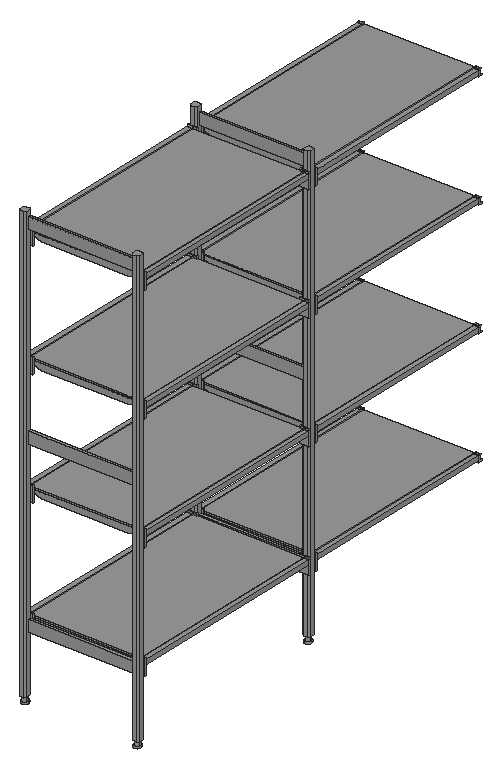
Revit family "QF_ELECTROLUXPROFESSIONAL_137080_CLS1664", category Attrezzature speciali, Revit 2020
Family settings
  Quota connettore circolare = Usa diametro
  Tipo di parte = Normale
  Basato su piano di lavoro = No
  Sempre verticale = Sì
  Taglio con vuoti quando caricato = No
  Condiviso = No
  Punto di calcolo locali = No
Parameters (values of type "Standard")
  Weight = 31.00 kg
  Watts = 0 W
  Volts = 0 V
  URL Manufacturer = "https://www.electroluxprofessional.com/"
  URL = "https://www.electroluxprofessional.com/"
  Steam Supply Size = 0 mm
  Steam Supply Minimum Pressure = 0.0 Pa
  Steam Supply Maximum Pressure = 0.0 Pa
  Steam Consumption per Hour = 0
  Refrigeration Suction Line Size = 0.0 mm
  Refrigeration Liquid Line Size = 0.0 mm
  Refrigerant Compressor Remote = yes
  Prospetto di default = 0.0 mm
  Phase = 0
  Modello = "CLS1664"
  Produttore = "Electrolux Professional"
  Length Actual = 1668.0 mm  # constant formula
  Item Number = "137080"
  Hot Water Size = 0 mm
  Height Actual = 1700.0 mm  # constant formula
  HP = "0 HP"
  Gas Size = 0 mm
  Gas KW = 0
  Gas Input Pressure = 0 W
  Direct Waste Size = 0 mm
  Descrizione = "ALUM.CORNER SHELV.-POLY.TIERS-475X1668MM"
  Depth Actual = 475.0 mm  # constant formula
  Cycle = 0 Hz
  Condensate Return Size = 0 mm
  Compressed Air Volume = 0.0 L/s
  Compressed Air Size = 0 mm
  Compressed Air Pressure = 0.0 Pa
  Cold Water Size = 0 mm
  Accessory = yes
Reference planes
  plane 1: z = 0
  plane 2 "CenterLeft": y = -535.5
  plane 3 "FRONT": y = -921.5
  plane 4 "LEFT": x = 192.5
  plane 5 "RIGHT": x = 667.5
  plane 6 "TOP": z = 1700
  plane 7: y = -889.5
  plane 8: y = -91.5
  plane 9 "Center (Left/Back)": x = 430
  plane 10: x = 256
  plane 11: x = 668
  plane 12 "FEET": z = 25
  plane 13: z = 275
  plane 14: z = 725
  plane 15: z = 1175
  plane 16: z = 1625
  plane 17 "CXLeft": y = -907.5
  plane 18 "Center (Front/Back)": y = -73.5
  plane 19 "CYFront": x = 510
  plane 20: y = 742.5
  plane 21: y = -55.5
  plane 22 "BACK": y = 746.5
  plane 23 "LEFT_ORIGIN": x = 158.5
  plane 24 "BACK_ORIGIN": y = 1221.5
Forms (mm)
  Extrusion 1, solid, material "QF_Aluminum"
    sketch origin (38.022, -921.5, -4.006) x (-1, 0, 0) y (0, 0, 1)
      loop
        line (-189.5, 1637.003) -> (-173.5, 1637.003) -> (-173.5, 1655) -> (-175.493, 1655) -> (-175.493, 1648.501) -> (-608.5, 1648.501) -> (-608.5, 1655) -> (-610.5, 1655) -> (-610.5, 1637.003) -> (-594.5, 1637.003) -> (-560.5, 1625) -> (-223.5, 1625) -> (-189.5, 1637.003)
      loop
        line (-189.5, 1187.003) -> (-173.5, 1187.003) -> (-173.5, 1205) -> (-175.493, 1205) -> (-175.493, 1198.501) -> (-608.5, 1198.501) -> (-608.5, 1205) -> (-610.5, 1205) -> (-610.5, 1187.003) -> (-594.5, 1187.003) -> (-560.5, 1175) -> (-223.5, 1175) -> (-189.5, 1187.003)
      loop
        line (-189.5, 737.003) -> (-173.5, 737.003) -> (-173.5, 755) -> (-175.493, 755) -> (-175.493, 748.501) -> (-608.5, 748.501) -> (-608.5, 755) -> (-610.5, 755) -> (-610.5, 737.003) -> (-594.5, 737.003) -> (-560.5, 725) -> (-223.5, 725) -> (-189.5, 737.003)
      loop
        line (-189.5, 287.003) -> (-173.5, 287.003) -> (-173.5, 305) -> (-175.493, 305) -> (-175.493, 298.501) -> (-608.5, 298.501) -> (-608.5, 305) -> (-610.5, 305) -> (-610.5, 287.003) -> (-594.5, 287.003) -> (-560.5, 275) -> (-223.5, 275) -> (-189.5, 287.003)
    from 37 to 32
  Extrusion 2, solid, material "QF_Aluminum"
    sketch origin (38.022, -921.5, 0) x (-1, 0, 0) y (0, 0, 1)
      loop
        line (-154.478, 246.005) -> (-154.478, 307.993) -> (-190.471, 307.993) -> (-190.471, 246.005) -> (-154.478, 246.005)
      loop
        line (-593.484, 246.005) -> (-593.484, 307.993) -> (-629.478, 307.993) -> (-629.478, 246.005) -> (-593.484, 246.005)
      loop
        line (-154.478, 696.005) -> (-154.478, 757.993) -> (-190.471, 757.993) -> (-190.471, 696.005) -> (-154.478, 696.005)
      loop
        line (-593.484, 696.005) -> (-593.484, 757.993) -> (-629.478, 757.993) -> (-629.478, 696.005) -> (-593.484, 696.005)
      loop
        line (-154.478, 1146.005) -> (-154.478, 1207.993) -> (-190.471, 1207.993) -> (-190.471, 1146.005) -> (-154.478, 1146.005)
      loop
        line (-593.484, 1146.005) -> (-593.484, 1207.993) -> (-629.478, 1207.993) -> (-629.478, 1146.005) -> (-593.484, 1146.005)
      loop
        line (-154.478, 1596.005) -> (-154.478, 1657.993) -> (-190.471, 1657.993) -> (-190.471, 1596.005) -> (-154.478, 1596.005)
      loop
        line (-593.484, 1596.005) -> (-593.484, 1657.993) -> (-629.478, 1657.993) -> (-629.478, 1596.005) -> (-593.484, 1596.005)
    from 28 to 32
  Extrusion 3, solid, material "QF_Aluminum"
    sketch origin (38.022, -921.5, 0) x (-1, 0, 0) y (0, 0, 1)
      loop
        line (-154.5, 1650.994) -> (-173.5, 1650.994) -> (-173.5, 1632.998) -> (-154.5, 1632.998) -> (-154.5, 1650.994)
      loop
        line (-154.5, 1200.994) -> (-173.5, 1200.994) -> (-173.5, 1182.998) -> (-154.5, 1182.998) -> (-154.5, 1200.994)
      loop
        line (-154.5, 750.994) -> (-173.5, 750.994) -> (-173.5, 732.998) -> (-154.5, 732.998) -> (-154.5, 750.994)
      loop
        line (-154.5, 300.994) -> (-173.5, 300.994) -> (-173.5, 282.998) -> (-154.5, 282.998) -> (-154.5, 300.994)
      loop
        line (-629.455, 1650.994) -> (-629.455, 1632.998) -> (-610.455, 1632.998) -> (-610.455, 1650.994) -> (-629.455, 1650.994)
      loop
        line (-629.455, 1200.994) -> (-629.455, 1182.998) -> (-610.455, 1182.998) -> (-610.455, 1200.994) -> (-629.455, 1200.994)
      loop
        line (-629.455, 750.994) -> (-629.455, 732.998) -> (-610.455, 732.998) -> (-610.455, 750.994) -> (-629.455, 750.994)
      loop
        line (-629.455, 300.994) -> (-629.455, 282.998) -> (-610.455, 282.998) -> (-610.455, 300.994) -> (-629.455, 300.994)
    from 32 to 830
  Extrusion 4, solid, material "QF_Polyethylene"
    sketch origin (38.022, -921.5, 0) x (-1, 0, 0) y (0, 0, 1)
      loop
        line (-175.493, 1650.994) -> (-608.5, 1650.994) -> (-608.5, 1644.496) -> (-175.493, 1644.496) -> (-175.493, 1650.994)
      loop
        line (-175.493, 1200.994) -> (-608.5, 1200.994) -> (-608.5, 1194.496) -> (-175.493, 1194.496) -> (-175.493, 1200.994)
      loop
        line (-175.493, 750.994) -> (-608.5, 750.994) -> (-608.5, 744.496) -> (-175.493, 744.496) -> (-175.493, 750.994)
      loop
        line (-175.493, 300.994) -> (-608.5, 300.994) -> (-608.5, 294.496) -> (-175.493, 294.496) -> (-175.493, 300.994)
    from 32 to 830
  Extrusion 5, solid, material "QF_Aluminum"
    sketch origin (38.022, 684.5, 0) x (-1, 0, 0) y (0, 0, 1)
      loop
        line (-154.5, 1650.994) -> (-173.5, 1650.994) -> (-173.5, 1632.998) -> (-154.5, 1632.998) -> (-154.5, 1650.994)
      loop
        line (-610.455, 1650.994) -> (-629.455, 1650.994) -> (-629.455, 1632.998) -> (-610.455, 1632.998) -> (-610.455, 1650.994)
      loop
        line (-154.5, 1200.994) -> (-173.5, 1200.994) -> (-173.5, 1182.998) -> (-154.5, 1182.998) -> (-154.5, 1200.994)
      loop
        line (-610.455, 1200.994) -> (-629.455, 1200.994) -> (-629.455, 1182.998) -> (-610.455, 1182.998) -> (-610.455, 1200.994)
      loop
        line (-154.5, 750.994) -> (-173.5, 750.994) -> (-173.5, 732.998) -> (-154.5, 732.998) -> (-154.5, 750.994)
      loop
        line (-610.455, 750.994) -> (-629.455, 750.994) -> (-629.455, 732.998) -> (-610.455, 732.998) -> (-610.455, 750.994)
      loop
        line (-154.5, 300.994) -> (-173.5, 300.994) -> (-173.5, 282.998) -> (-154.5, 282.998) -> (-154.5, 300.994)
      loop
        line (-610.455, 300.994) -> (-629.455, 300.994) -> (-629.455, 282.998) -> (-610.455, 282.998) -> (-610.455, 300.994)
    from 58 to -740
  Extrusion 6, solid, material "QF_Polyethylene"
    sketch origin (38.022, 684.5, 0) x (-1, 0, 0) y (0, 0, 1)
      loop
        line (-175.493, 1650.994) -> (-608.5, 1650.994) -> (-608.5, 1644.496) -> (-175.493, 1644.496) -> (-175.493, 1650.994)
      loop
        line (-175.493, 1200.994) -> (-608.5, 1200.994) -> (-608.5, 1194.496) -> (-175.493, 1194.496) -> (-175.493, 1200.994)
      loop
        line (-175.493, 750.994) -> (-608.5, 750.994) -> (-608.5, 744.496) -> (-175.493, 744.496) -> (-175.493, 750.994)
      loop
        line (-175.493, 300.994) -> (-608.5, 300.994) -> (-608.5, 294.496) -> (-175.493, 294.496) -> (-175.493, 300.994)
    from 58 to -740
Lines and regions (mm)
  symbolic lines
    curve 1: line (256, -912.5, 1700) -> (668, -912.5, 1700)
    curve 2: line (668, -902.5, 1700) -> (256, -902.5, 1700)
    curve 3: line (192.5, -893.5, 1700) -> (192.5, -87.5, 1700)
    curve 4: line (667.5, -889.5, 1700) -> (667.5, -91.5, 1700)
    curve 5: line (192.5, -59.5, 1700) -> (192.5, 746.5, 1700)
    curve 6: line (667.5, -59.5, 1700) -> (667.5, 746.5, 1700)
    curve 7: line (648.478, -91.5, 1700) -> (648.478, -889.5, 1700)
    curve 8: line (211.522, -889.5, 1700) -> (211.522, -91.5, 1700)
    curve 9: line (211.522, -55.5, 1700) -> (211.522, 742.5, 1700)
    curve 10: line (648.478, 742.5, 1700) -> (648.478, -55.5, 1700)
Dimensions and locks
  plane 3 "FRONT" to plane 2 "CenterLeft" = 386.0 mm
  locked: plane 6 "TOP" to level at 1700
  locked: plane 7 to plane 8 at 798
  locked: plane 10 to plane 11 at 412
  plane 10 to plane 9 "Center (Left/Back)" to plane 11 = 174.0 mm, 238.0 mm
  equal spacing: plane 4 "LEFT", plane 9 "Center (Left/Back)", plane 5 "RIGHT"
  plane 12 "FEET" to level = 25.0 mm
  plane 6 "TOP" to plane 12 "FEET" = 1675.0 mm
  plane 13 to plane 12 "FEET" = 250.0 mm
  plane 14 to plane 13 = 450.0 mm
  plane 15 to plane 14 = 450.0 mm
  plane 16 to plane 15 = 450.0 mm
  locked: plane 21 to plane 20 at 798
  locked: plane 8 to plane 18 "Center (Front/Back)" at 18
  locked: plane 18 "Center (Front/Back)" to plane 21 at 18
  locked: plane 3 "FRONT" to plane 7 at 32
  locked: plane 4 "LEFT" to plane 5 "RIGHT" at 475
  locked: plane 23 "LEFT_ORIGIN" to plane 5 "RIGHT" at 509
  locked: plane 22 "BACK" to plane 24 "BACK_ORIGIN" at 475
  locked: plane 22 "BACK" to plane 3 "FRONT" at 1668
  aligned and locked: level to plane 1
  aligned and locked: Extrusion 1 to plane 7
  aligned and locked: plane 7 to Extrusion 2
  aligned and locked: Extrusion 4 to plane 7
  aligned and locked: plane 8 to Extrusion 4
  aligned and locked: Extrusion 3 to plane 7
  aligned and locked: plane 8 to Extrusion 3
  aligned and locked: Extrusion 1 sketch curve to Extrusion 1 sketch curve  (x3)
  aligned and locked: Extrusion 5 sketch curve to Extrusion 5 sketch curve  (x2)
  aligned and locked: Extrusion 5 to plane 21  (x5)
  aligned and locked: Extrusion 6 to plane 21  (x5)
  aligned and locked: nested 2 to plane 18 "Center (Front/Back)"
  aligned and locked: plane 17 "CXLeft" to nested 1
  aligned and locked: plane 7 to Extrusion 3  (x3)
  aligned and locked: Extrusion 3 to plane 8  (x4)
  aligned and locked: Extrusion 4 to plane 8  (x4)
  aligned and locked: plane 20 to Extrusion 5
  aligned and locked: plane 20 to Extrusion 6
  aligned and locked: Extrusion 5 to plane 20  (x3)
  aligned and locked: Extrusion 6 to plane 20  (x3)
  aligned and locked: plane 9 "Center (Left/Back)" to nested 2
  aligned and locked: nested 3 to plane 22 "BACK"
Automatic sketch dimensions
  Extrusion 1 sketch curve to plane 19 "CYFront" = 138.522 mm  (x4)
  plane 11 to Extrusion 1 sketch curve = 35.478 mm  (x4)
  Extrusion 1 sketch curve to plane 13 = 4.006 mm
  Extrusion 1 sketch curve to Extrusion 1 sketch curve = 34.0 mm  (x4)
  Extrusion 1 sketch curve to plane 14 = 4.006 mm
  Extrusion 1 sketch curve to plane 15 = 4.006 mm
  Extrusion 1 sketch curve to plane 16 = 4.006 mm
  Extrusion 1 sketch curve to plane 10 = 5.522 mm  (x4)
  plane 10 to Extrusion 1 sketch curve = 28.478 mm  (x4)
  plane 13 to Extrusion 1 sketch curve = 7.998 mm  (x2)
  Extrusion 1 sketch curve to Extrusion 1 sketch curve = 11.498 mm  (x4)
  Extrusion 1 sketch curve to Extrusion 1 sketch curve = 6.499 mm  (x8)
  plane 14 to Extrusion 1 sketch curve = 7.998 mm  (x2)
  plane 15 to Extrusion 1 sketch curve = 7.998 mm  (x2)
  plane 16 to Extrusion 1 sketch curve = 7.998 mm  (x2)
  plane 5 "RIGHT" to Extrusion 2 sketch curve = 35.993 mm  (x4)
  Extrusion 2 sketch curve to plane 4 "LEFT" = 0.0 mm  (x4)
  plane 11 to Extrusion 2 sketch curve = 0.5 mm  (x4)
  plane 10 to Extrusion 2 sketch curve = 27.507 mm  (x4)
  Extrusion 2 sketch curve to plane 13 = 28.995 mm  (x2)
  plane 13 to Extrusion 2 sketch curve = 32.993 mm  (x2)
  Extrusion 2 sketch curve to plane 14 = 28.995 mm  (x2)
  plane 14 to Extrusion 2 sketch curve = 32.993 mm  (x2)
  Extrusion 2 sketch curve to plane 15 = 28.995 mm  (x2)
  plane 15 to Extrusion 2 sketch curve = 32.993 mm  (x2)
  Extrusion 2 sketch curve to plane 16 = 28.995 mm  (x2)
  plane 16 to Extrusion 2 sketch curve = 32.993 mm  (x2)
  plane 13 to Extrusion 4 sketch curve = 19.496 mm
  Extrusion 4 sketch curve to Extrusion 4 sketch curve = 6.499 mm  (x4)
  plane 14 to Extrusion 4 sketch curve = 19.496 mm
  plane 15 to Extrusion 4 sketch curve = 19.496 mm
  plane 16 to Extrusion 4 sketch curve = 19.496 mm
  plane 5 "RIGHT" to Extrusion 5 sketch curve = 0.022 mm  (x4)
  Extrusion 5 sketch curve to plane 4 "LEFT" = 19.022 mm  (x4)
  Extrusion 5 sketch curve to plane 19 "CYFront" = 138.478 mm  (x2)
  plane 13 to Extrusion 5 sketch curve = 7.998 mm  (x2)
  Extrusion 5 sketch curve to Extrusion 5 sketch curve = 17.997 mm  (x8)
  plane 14 to Extrusion 5 sketch curve = 7.998 mm  (x2)
  plane 15 to Extrusion 5 sketch curve = 7.998 mm  (x2)
  plane 16 to Extrusion 5 sketch curve = 7.998 mm  (x2)
  Extrusion 6 sketch curve to plane 19 "CYFront" = 136.522 mm  (x4)
  plane 13 to Extrusion 6 sketch curve = 19.496 mm
  Extrusion 6 sketch curve to Extrusion 6 sketch curve = 6.499 mm  (x4)
  plane 14 to Extrusion 6 sketch curve = 19.496 mm
  plane 15 to Extrusion 6 sketch curve = 19.496 mm
  plane 16 to Extrusion 6 sketch curve = 19.496 mm
  plane 5 "RIGHT" to Extrusion 3 sketch curve = 0.022 mm  (x4)
  Extrusion 3 sketch curve to Extrusion 3 sketch curve = 19.0 mm  (x4)
  plane 14 to Extrusion 3 sketch curve = 7.998 mm  (x2)
  plane 10 to Extrusion 3 sketch curve = 44.478 mm  (x4)
  Extrusion 3 sketch curve to plane 4 "LEFT" = 0.022 mm  (x4)
  plane 13 to Extrusion 3 sketch curve = 25.994 mm  (x2)
  plane 13 to Extrusion 3 sketch curve = 7.998 mm  (x2)
  Extrusion 3 sketch curve to Extrusion 3 sketch curve = 17.997 mm  (x6)
  plane 15 to Extrusion 3 sketch curve = 7.998 mm  (x2)
  plane 16 to Extrusion 3 sketch curve = 7.998 mm  (x2)
  plane 10 to Extrusion 1 sketch curve = 42.484 mm  (x4)
  plane 10 to Extrusion 1 sketch curve = 44.478 mm  (x2)
  Extrusion 1 sketch curve to Extrusion 1 sketch curve = 1.993 mm  (x2)
  plane 10 to Extrusion 4 sketch curve = 42.484 mm  (x4)
  Extrusion 5 sketch curve to plane 4 "LEFT" = 0.022 mm  (x4)
  plane 10 to Extrusion 6 sketch curve = 42.484 mm  (x4)
  Extrusion 1 sketch curve to Extrusion 1 sketch curve = 2.0 mm
  plane 5 "RIGHT" to Extrusion 4 sketch curve = 20.978 mm  (x4)
  curve 1 to plane 11 = 0.0 mm
  curve 1 to plane 10 = 0.0 mm
  curve 2 to plane 10 = 0.0 mm
  curve 2 to plane 11 = 0.0 mm
  curve 3 to plane 4 "LEFT" = 0.0 mm
  curve 4 to plane 5 "RIGHT" = 0.0 mm
  plane 7 to curve 4 = 0.0 mm
  plane 7 to curve 8 = 0.0 mm
  plane 8 to curve 8 = 0.0 mm
  plane 8 to curve 7 = 0.0 mm
  plane 8 to curve 4 = 0.0 mm
  curve 5 to plane 4 "LEFT" = 0.0 mm
  curve 6 to plane 5 "RIGHT" = 0.0 mm
  plane 20 to curve 9 = 0.0 mm
  plane 22 "BACK" to curve 5 = 0.0 mm
  plane 22 "BACK" to curve 6 = 0.0 mm
  plane 7 to curve 3 = 4.0 mm
  plane 17 "CXLeft" to curve 2 = 5.0 mm
  curve 1 to plane 17 "CXLeft" = 5.0 mm
  curve 3 to plane 8 = 4.0 mm
  curve 6 to plane 21 = 4.0 mm
  curve 9 to plane 4 "LEFT" = 19.022 mm
  curve 8 to plane 4 "LEFT" = 19.022 mm
  curve 9 to plane 21 = 0.0 mm
  plane 21 to curve 10 = 0.0 mm
  curve 5 to plane 21 = 4.0 mm
  plane 7 to curve 7 = 0.0 mm
  curve 4 to curve 7 = 19.022 mm
  plane 20 to curve 10 = 0.0 mm
  plane 5 "RIGHT" to curve 10 = 19.022 mm
Nested families
  nested 1: "WT_Anta475" at (215.5, -504.5, 0) x (0, 1, 0) z (0, 0, 1), type "WT_Anta475"
  nested 2: "WT_Anta475Center" at (215.5, 329.5, 0) x (0, 1, 0) z (0, 0, 1), type "WT_Anta475Center"
  nested 3: "WT_Aggancio475" at (215.5, 1154.5, 0) x (0, 1, 0) z (0, 0, 1), type "WT_Aggancio475"
Definition of nested family "WT_Anta475"
  Parameters
    WidthLeft = A + 64.0 mm  # 772.0 mm
    Width = 1606.0 mm
    Right = WidthLeft / 2  # 386.0 mm
    Default Elevation = 0.0 mm
    Left = -WidthLeft / 2  # -386.0 mm
    Height = 1725.0 mm
    FEET = 25.0 mm
    E = 0.0 mm
    Dint = Depth - 63.0 mm  # 412.0 mm
    Dext = Depth - 8.0 mm  # 467.0 mm
    Depth = 475.0 mm
    DX = (WidthLeft - A) / 2  # 32.0 mm
    B = 798.0 mm
    A = 708.0 mm
  Reference planes
    plane 1: z = 0
    plane 2 "LEFT": x = -417
    plane 3 "BACK": y = 23
    plane 4 "FRONT": y = -452
    plane 5 "TOP": z = 1725
    plane 6 "Center (Front/Back)": y = -214.5
    plane 7: y = -8.5
    plane 8: y = -420.5
    plane 9 "FEET": z = 25
    plane 10: z = 275
    plane 11: z = 725
    plane 12: z = 1175
    plane 13: z = 1625
    plane 14 "CXLeft": x = -403
    plane 15: y = 5.5
    plane 16 "CYBack": y = 5.5
    plane 17 "CYFront": y = -434.5
    plane 18: x = -385.031
    plane 19: x = -380.031
  Forms (mm)
    Extrusion 1, solid
      sketch origin (0, 0, 0) x (1, 0, 0) y (0, 1, 0)
        loop
          line (-417, 13.246) -> (-417, -2.246) -> (-410.746, -8.5) -> (-395.254, -8.5) -> (-389, -2.246) -> (-389, 13.246) -> (-395.254, 19.5) -> (-410.746, 19.5) -> (-417, 13.246)
      from 1725 to 25
    Extrusion 2, solid
      sketch origin (-417, 0, 0) x (0, 1, 0) y (0, 0, 1)
        loop
          line (23, 246.005) -> (23, 307.993) -> (-12.993, 307.993) -> (-12.993, 246.005) -> (23, 246.005)
        loop
          line (-452, 246.005) -> (-416.007, 246.005) -> (-416.007, 307.993) -> (-452, 307.993) -> (-452, 246.005)
        loop
          line (23, 696.005) -> (23, 757.993) -> (-12.993, 757.993) -> (-12.993, 696.005) -> (23, 696.005)
        loop
          line (-452, 696.005) -> (-416.007, 696.005) -> (-416.007, 757.993) -> (-452, 757.993) -> (-452, 696.005)
        loop
          line (23, 1146.005) -> (23, 1207.993) -> (-12.993, 1207.993) -> (-12.993, 1146.005) -> (23, 1146.005)
        loop
          line (-452, 1146.005) -> (-416.007, 1146.005) -> (-416.007, 1207.993) -> (-452, 1207.993) -> (-452, 1146.005)
        loop
          line (23, 1596.005) -> (23, 1657.993) -> (-12.993, 1657.993) -> (-12.993, 1596.005) -> (23, 1596.005)
        loop
          line (-452, 1596.005) -> (-416.007, 1596.005) -> (-416.007, 1657.993) -> (-452, 1657.993) -> (-452, 1596.005)
      from 28 to 32
    Revolve 3, solid
      sketch origin (-403, 0, 0) x (0, 1, 0) y (0, 0, 1)
        loop
          line (5.5, 25) -> (5.5, 0) -> (19, 0) -> (19, 5) -> (14, 5) -> (14, 25) -> (5.5, 25)
        axis (5.5, 25) -> (5.5, 0)
      angle from 0 to 360
    Extrusion 4, solid
      sketch origin (-403, 0, 0) x (0, 1, 0) y (0, 0, 1)
        loop
          line (-8.5, 912.382) -> (-8.5, 957.374) -> (-420.5, 957.374) -> (-420.5, 912.382) -> (-8.5, 912.382)
        loop
          line (-8.5, 1662.244) -> (-8.5, 1707.236) -> (-420.5, 1707.236) -> (-420.5, 1662.244) -> (-8.5, 1662.244)
      from -5 to 5
    Revolve 5, solid
      sketch origin (-403, -627, 0) x (0, -1, 0) y (0, 0, 1)
        loop
          line (-192.5, 25) -> (-192.5, 0) -> (-179, 0) -> (-179, 5) -> (-184, 5) -> (-184, 25) -> (-192.5, 25)
        axis (-192.5, 25) -> (-192.5, 0)
      angle from 0 to 360
    Extrusion 6, solid
      sketch origin (0, -627, 0) x (1, 0, 0) y (0, 1, 0)
        loop
          line (-417, 184.754) -> (-410.746, 178.5) -> (-395.254, 178.5) -> (-389, 184.754) -> (-389, 200.246) -> (-395.254, 206.5) -> (-410.746, 206.5) -> (-417, 200.246) -> (-417, 184.754)
      from 1725 to 25
    Extrusion 7, solid
      sketch origin (-417.031, -0.022, 0) x (0, 1, 0) y (0, 0, -1)
        loop
          line (-12, -1632.998) -> (-46, -1620.994) -> (-383, -1620.994) -> (-417, -1632.998) -> (-433, -1632.998) -> (-433, -1650.994) -> (-431, -1650.994) -> (-431, -1644.496) -> (2.007, -1644.496) -> (2.007, -1650.994) -> (4, -1650.994) -> (4, -1632.998) -> (-12, -1632.998)
        loop
          line (-12, -1182.998) -> (-46, -1170.994) -> (-383, -1170.994) -> (-417, -1182.998) -> (-433, -1182.998) -> (-433, -1200.994) -> (-431, -1200.994) -> (-431, -1194.496) -> (2.007, -1194.496) -> (2.007, -1200.994) -> (4, -1200.994) -> (4, -1182.998) -> (-12, -1182.998)
        loop
          line (-12, -732.998) -> (-46, -720.994) -> (-383, -720.994) -> (-417, -732.998) -> (-433, -732.998) -> (-433, -750.994) -> (-431, -750.994) -> (-431, -744.496) -> (2.007, -744.496) -> (2.007, -750.994) -> (4, -750.994) -> (4, -732.998) -> (-12, -732.998)
        loop
          line (-12, -282.998) -> (-46, -270.994) -> (-383, -270.994) -> (-417, -282.998) -> (-433, -282.998) -> (-433, -300.994) -> (-431, -300.994) -> (-431, -294.496) -> (2.007, -294.496) -> (2.007, -300.994) -> (4, -300.994) -> (4, -282.998) -> (-12, -282.998)
      from -32 to -37
    Extrusion 8, solid
      sketch origin (-403, 0, -659.878) x (0, 1, 0) y (0, 0, 1)
        loop
          line (-8.5, 912.382) -> (-8.5, 957.374) -> (-420.5, 957.374) -> (-420.5, 912.382) -> (-8.5, 912.382)
        loop
          line (-8.5, 1572.382) -> (-8.5, 1617.374) -> (-420.5, 1617.374) -> (-420.5, 1572.382) -> (-8.5, 1572.382)
        loop
          line (-8.5, 2322.382) -> (-8.5, 2367.374) -> (-420.5, 2367.374) -> (-420.5, 2322.382) -> (-8.5, 2322.382)
      from -5 to 5
  Lines and regions (mm)
    symbolic lines
      curve 1: line (-408, -8.5, 1725) -> (-408, -420.5, 1725)
      curve 2: line (-398, -420.5, 1725) -> (-398, -8.5, 1725)
      curve 3: line (-395.254, -8.5, 1725) -> (-410.746, -8.5, 1725)
      curve 4: line (-417, -2.246, 1725) -> (-410.746, -8.5, 1725)
      curve 5: line (-417, 13.246, 1725) -> (-417, -2.246, 1725)
      curve 6: line (-410.746, 19.5, 1725) -> (-417, 13.246, 1725)
      curve 7: line (-395.254, 19.5, 1725) -> (-410.746, 19.5, 1725)
      curve 8: line (-389, 13.246, 1725) -> (-395.254, 19.5, 1725)
      curve 9: line (-395.254, -8.5, 1725) -> (-389, -2.246, 1725)
      curve 10: line (-395.254, -420.5, 1725) -> (-410.746, -420.5, 1725)
      curve 11: line (-417, -426.754, 1725) -> (-410.746, -420.5, 1725)
      curve 12: line (-410.746, -448.5, 1725) -> (-417, -442.246, 1725)
      curve 13: line (-395.254, -448.5, 1725) -> (-410.746, -448.5, 1725)
      curve 14: line (-389, -442.246, 1725) -> (-395.254, -448.5, 1725)
      curve 15: line (-395.254, -420.5, 1725) -> (-389, -426.754, 1725)
      curve 16: line (-389, -452, 1725) -> (-389, -416.007, 1725)
      curve 17: line (-389, -416.007, 1725) -> (-385, -416.007, 1725)
      curve 18: line (-389, 23, 1725) -> (-389, -12.993, 1725)
      curve 19: line (-389, -12.993, 1725) -> (-385, -12.993, 1725)
      curve 20: line (-417, -426.754, 1725) -> (-417, -442.246, 1725)
      curve 21: line (-385, -452, 1725) -> (-385, -416.007, 1725)
      curve 22: line (-385, -452, 1725) -> (-389, -452, 1725)
      curve 23: line (-385, 23, 1725) -> (-389, 23, 1725)
      curve 24: line (-385, -12.993, 1725) -> (-385, 23, 1725)
      curve 25: line (-385.031, -13.016, 1725) -> (-385.031, -416.029, 1725)
  Dimensions and locks
    "Height": plane 5 "TOP" to level
    "Depth": plane 3 "BACK" to plane 4 "FRONT"
    "Dint": plane 7 to plane 8
    equal spacing: plane 7, plane 6 "Center (Front/Back)", plane 8
    equal spacing: plane 3 "BACK", plane 6 "Center (Front/Back)", plane 4 "FRONT"
    plane 9 "FEET" to level = 25.0 mm
    plane 5 "TOP" to plane 9 "FEET" = 1700.0 mm
    plane 10 to plane 9 "FEET" = 250.0 mm
    plane 11 to plane 10 = 450.0 mm
    plane 12 to plane 11 = 450.0 mm
    plane 13 to plane 12 = 450.0 mm
    locked: plane 2 "LEFT" to plane 14 "CXLeft" at 14
    locked: plane 3 "BACK" to plane 16 "CYBack" at 17.5
    locked: plane 17 "CYFront" to plane 4 "FRONT" at 17.5
    locked: Revolve 3 sketch curve to Revolve 3 sketch curve at 8.5
    locked: Revolve 3 sketch curve to plane 16 "CYBack" at 13.5
    locked: Revolve 5 sketch curve to Revolve 5 sketch curve at 8.5
    aligned and locked: level to plane 1
    aligned and locked: curve 20 to Extrusion 6
    aligned and locked: plane 5 "TOP" to Extrusion 1
    aligned and locked: plane 5 "TOP" to Extrusion 6
    aligned and locked: Extrusion 7 sketch curve to Extrusion 7 sketch curve  (x3)
  Automatic sketch dimensions
    curve 16 to plane 4 "FRONT" = 0.0 mm
    curve 11 to plane 8 = 0.0 mm
    curve 9 to plane 7 = 0.0 mm
    curve 5 to plane 2 "LEFT" = 0.0 mm
    curve 23 to plane 3 "BACK" = 0.0 mm
    plane 4 "FRONT" to curve 13 = 3.5 mm
    curve 20 to plane 17 "CYFront" = 7.746 mm
    curve 20 to plane 8 = 6.254 mm
    plane 8 to curve 16 = 4.493 mm
    curve 24 to plane 18 = 0.031 mm
    curve 24 to plane 7 = 4.493 mm
    plane 7 to curve 5 = 6.254 mm
    curve 5 to plane 15 = 7.746 mm
    curve 6 to plane 3 "BACK" = 3.5 mm
    curve 21 to plane 18 = 0.031 mm
    plane 18 to curve 23 = 3.969 mm
    plane 18 to curve 16 = 3.969 mm
    curve 18 to curve 8 = 6.254 mm
    curve 18 to curve 3 = 6.254 mm
    curve 16 to curve 13 = 6.254 mm
    curve 16 to curve 15 = 6.254 mm
    plane 2 "LEFT" to curve 10 = 6.254 mm
    plane 2 "LEFT" to curve 7 = 6.254 mm
    plane 2 "LEFT" to curve 12 = 6.254 mm
    plane 2 "LEFT" to curve 3 = 6.254 mm
    curve 14 to plane 17 "CYFront" = 7.746 mm
    curve 15 to plane 8 = 6.254 mm
    plane 7 to curve 9 = 6.254 mm
    curve 8 to plane 15 = 7.746 mm
    curve 3 to curve 2 = 2.746 mm
    curve 1 to curve 10 = 2.746 mm
    Extrusion 1 sketch curve to plane 2 "LEFT" = 0.0 mm
    Extrusion 1 sketch curve to plane 7 = 0.0 mm
    plane 2 "LEFT" to Extrusion 1 sketch curve = 6.254 mm  (x2)
    plane 14 "CXLeft" to Extrusion 1 sketch curve = 7.746 mm  (x2)
    Extrusion 1 sketch curve to plane 3 "BACK" = 3.5 mm
    plane 18 to Extrusion 1 sketch curve = 3.969 mm
    plane 7 to Extrusion 1 sketch curve = 6.254 mm  (x2)
    Extrusion 1 sketch curve to plane 15 = 7.746 mm  (x2)
    Extrusion 2 sketch curve to plane 4 "FRONT" = 0.0 mm  (x4)
    Extrusion 2 sketch curve to plane 3 "BACK" = 0.0 mm  (x4)
    plane 8 to Extrusion 2 sketch curve = 4.493 mm  (x4)
    Extrusion 2 sketch curve to plane 7 = 4.493 mm  (x4)
    Extrusion 2 sketch curve to plane 10 = 28.995 mm  (x2)
    plane 10 to Extrusion 2 sketch curve = 32.993 mm  (x2)
    Extrusion 2 sketch curve to plane 11 = 28.995 mm  (x2)
    plane 11 to Extrusion 2 sketch curve = 32.993 mm  (x2)
    Extrusion 2 sketch curve to plane 12 = 28.995 mm  (x2)
    plane 12 to Extrusion 2 sketch curve = 32.993 mm  (x2)
    Extrusion 2 sketch curve to plane 13 = 28.995 mm  (x2)
    plane 13 to Extrusion 2 sketch curve = 32.993 mm  (x2)
    Revolve 3 sketch curve to plane 9 "FEET" = 0.0 mm  (x2)
    Revolve 3 sketch curve to plane 15 = 0.0 mm  (x2)
    Revolve 3 sketch curve to level = 0.0 mm
    level to Revolve 3 sketch curve = 5.0 mm
    Revolve 3 sketch curve to Revolve 3 sketch curve = 11.655 mm
    Extrusion 4 sketch curve to plane 8 = 0.0 mm  (x2)
    Extrusion 4 sketch curve to plane 7 = 0.0 mm  (x2)
    plane 11 to Extrusion 4 sketch curve = 187.382 mm
    Extrusion 4 sketch curve to Extrusion 4 sketch curve = 44.992 mm
    plane 13 to Extrusion 4 sketch curve = 37.244 mm
    Extrusion 4 sketch curve to plane 5 "TOP" = 17.764 mm
    Revolve 5 sketch curve to plane 9 "FEET" = 0.0 mm  (x2)
    Revolve 5 sketch curve to plane 17 "CYFront" = 0.0 mm  (x2)
    Revolve 5 sketch curve to level = 0.0 mm
    Revolve 5 sketch curve to plane 4 "FRONT" = 4.0 mm
    Revolve 5 sketch curve to Revolve 5 sketch curve = 5.0 mm
    level to Revolve 5 sketch curve = 11.655 mm
    Extrusion 6 sketch curve to plane 2 "LEFT" = 0.0 mm
    Extrusion 6 sketch curve to plane 8 = 0.0 mm
    Extrusion 6 sketch curve to plane 2 "LEFT" = 6.254 mm  (x2)
    Extrusion 6 sketch curve to plane 14 "CXLeft" = 7.746 mm  (x2)
    Extrusion 6 sketch curve to plane 4 "FRONT" = 3.5 mm
    Extrusion 6 sketch curve to plane 18 = 3.969 mm
    plane 8 to Extrusion 6 sketch curve = 6.254 mm  (x2)
    plane 17 "CYFront" to Extrusion 6 sketch curve = 7.746 mm  (x2)
    plane 17 "CYFront" to Extrusion 7 sketch curve = 1.478 mm  (x4)
    Extrusion 7 sketch curve to Extrusion 7 sketch curve = 2.0 mm
    plane 8 to Extrusion 7 sketch curve = 3.478 mm  (x4)
    Extrusion 7 sketch curve to plane 10 = 4.006 mm
    Extrusion 7 sketch curve to Extrusion 7 sketch curve = 34.0 mm  (x4)
    Extrusion 7 sketch curve to plane 11 = 4.006 mm
    Extrusion 7 sketch curve to plane 12 = 4.006 mm
    Extrusion 7 sketch curve to plane 13 = 4.006 mm
    Extrusion 7 sketch curve to plane 7 = 37.522 mm  (x4)
    Extrusion 7 sketch curve to plane 7 = 3.522 mm  (x4)
    plane 15 to Extrusion 7 sketch curve = 3.516 mm  (x4)
    plane 15 to Extrusion 7 sketch curve = 1.522 mm  (x4)
    plane 13 to Extrusion 7 sketch curve = 7.998 mm  (x2)
    Extrusion 7 sketch curve to Extrusion 7 sketch curve = 11.498 mm
    Extrusion 7 sketch curve to Extrusion 7 sketch curve = 6.499 mm  (x5)
    plane 12 to Extrusion 7 sketch curve = 25.994 mm  (x2)
    plane 12 to Extrusion 7 sketch curve = 7.998 mm  (x2)
    plane 11 to Extrusion 7 sketch curve = 25.994 mm  (x2)
    plane 11 to Extrusion 7 sketch curve = 7.998 mm  (x2)
    plane 10 to Extrusion 7 sketch curve = 25.994 mm  (x2)
    plane 10 to Extrusion 7 sketch curve = 7.998 mm  (x2)
    curve 25 to plane 18 = 0.0 mm
    plane 8 to curve 25 = 4.471 mm
    curve 25 to plane 7 = 4.516 mm
    Extrusion 8 sketch curve to plane 8 = 0.0 mm  (x3)
    Extrusion 8 sketch curve to plane 7 = 0.0 mm  (x3)
    Extrusion 8 sketch curve to plane 10 = 22.496 mm
    plane 10 to Extrusion 8 sketch curve = 22.496 mm
    plane 11 to Extrusion 8 sketch curve = 187.504 mm
    Extrusion 8 sketch curve to Extrusion 8 sketch curve = 44.992 mm
    plane 13 to Extrusion 8 sketch curve = 37.504 mm
    Extrusion 8 sketch curve to plane 5 "TOP" = 17.504 mm
Definition of nested family "WT_Anta475Center"
  Parameters
    WidthLeft = A + 64.0 mm  # 772.0 mm
    Width = 1606.0 mm
    Right = WidthLeft / 2  # 386.0 mm
    Default Elevation = 0.0 mm
    Left = -WidthLeft / 2  # -386.0 mm
    Height = 1725.0 mm
    FEET = 25.0 mm
    E = 0.0 mm
    Dint = Depth - 63.0 mm  # 412.0 mm
    Dext = Depth - 8.0 mm  # 467.0 mm
    Depth = 475.0 mm
    DX = (WidthLeft - A) / 2  # 32.0 mm
    B = 798.0 mm
    A = 708.0 mm
  Reference planes
    plane 1: z = 0
    plane 2 "L": x = -417
    plane 3 "BACK": y = 23
    plane 4 "FRONT": y = -452
    plane 5 "TOP": z = 1725
    plane 6 "Center (Front/Back)": y = -214.5
    plane 7: y = -8.5
    plane 8: y = -420.5
    plane 9 "FEET": z = 25
    plane 10: z = 275
    plane 11: z = 725
    plane 12: z = 1175
    plane 13: z = 1625
    plane 14 "CXLeft": x = -403
    plane 15: y = 5.5
    plane 16 "CYBack": y = 5.5
    plane 17 "CYFront": y = -434.5
    plane 18: x = -385.031
    plane 19 "RIGHT": x = -380.031
    plane 20: x = -420.969
    plane 21 "LEFT": x = -425.969
  Forms (mm)
    Extrusion 1, solid
      sketch origin (0, 0, 0) x (1, 0, 0) y (0, 1, 0)
        loop
          line (-417, 13.246) -> (-417, -2.246) -> (-410.746, -8.5) -> (-395.254, -8.5) -> (-389, -2.246) -> (-389, 13.246) -> (-395.254, 19.5) -> (-410.746, 19.5) -> (-417, 13.246)
      from 1725 to 25
    Extrusion 2, solid
      sketch origin (-417, 0, 0) x (0, 1, 0) y (0, 0, 1)
        loop
          line (23, 246.005) -> (23, 307.993) -> (-12.993, 307.993) -> (-12.993, 246.005) -> (23, 246.005)
        loop
          line (-452, 246.005) -> (-416.007, 246.005) -> (-416.007, 307.993) -> (-452, 307.993) -> (-452, 246.005)
        loop
          line (23, 696.005) -> (23, 757.993) -> (-12.993, 757.993) -> (-12.993, 696.005) -> (23, 696.005)
        loop
          line (-452, 696.005) -> (-416.007, 696.005) -> (-416.007, 757.993) -> (-452, 757.993) -> (-452, 696.005)
        loop
          line (23, 1146.005) -> (23, 1207.993) -> (-12.993, 1207.993) -> (-12.993, 1146.005) -> (23, 1146.005)
        loop
          line (-452, 1146.005) -> (-416.007, 1146.005) -> (-416.007, 1207.993) -> (-452, 1207.993) -> (-452, 1146.005)
        loop
          line (23, 1596.005) -> (23, 1657.993) -> (-12.993, 1657.993) -> (-12.993, 1596.005) -> (23, 1596.005)
        loop
          line (-452, 1596.005) -> (-416.007, 1596.005) -> (-416.007, 1657.993) -> (-452, 1657.993) -> (-452, 1596.005)
      from 28 to 32
    Revolve 3, solid
      sketch origin (-403, 0, 0) x (0, 1, 0) y (0, 0, 1)
        loop
          line (5.5, 25) -> (5.5, 0) -> (19, 0) -> (19, 5) -> (14, 5) -> (14, 25) -> (5.5, 25)
        axis (5.5, 25) -> (5.5, 0)
      angle from 0 to 360
    Extrusion 4, solid
      sketch origin (-403, 0, 0) x (0, 1, 0) y (0, 0, 1)
        loop
          line (-8.5, 912.382) -> (-8.5, 957.374) -> (-420.5, 957.374) -> (-420.5, 912.382) -> (-8.5, 912.382)
        loop
          line (-8.5, 1662.244) -> (-8.5, 1707.236) -> (-420.5, 1707.236) -> (-420.5, 1662.244) -> (-8.5, 1662.244)
      from -5 to 5
    Revolve 5, solid
      sketch origin (-403, -627, 0) x (0, -1, 0) y (0, 0, 1)
        loop
          line (-192.5, 25) -> (-192.5, 0) -> (-179, 0) -> (-179, 5) -> (-184, 5) -> (-184, 25) -> (-192.5, 25)
        axis (-192.5, 25) -> (-192.5, 0)
      angle from 0 to 360
    Extrusion 6, solid
      sketch origin (0, -627, 0) x (1, 0, 0) y (0, 1, 0)
        loop
          line (-417, 184.754) -> (-410.746, 178.5) -> (-395.254, 178.5) -> (-389, 184.754) -> (-389, 200.246) -> (-395.254, 206.5) -> (-410.746, 206.5) -> (-417, 200.246) -> (-417, 184.754)
      from 1725 to 25
    Extrusion 7, solid
      sketch origin (-417.031, -0.022, 0) x (0, 1, 0) y (0, 0, -1)
        loop
          line (-12, -1632.998) -> (-46, -1620.994) -> (-383, -1620.994) -> (-417, -1632.998) -> (-433, -1632.998) -> (-433, -1650.994) -> (-431, -1650.994) -> (-431, -1644.496) -> (2.007, -1644.496) -> (2.007, -1650.994) -> (4, -1650.994) -> (4, -1632.998) -> (-12, -1632.998)
        loop
          line (-12, -1182.998) -> (-46, -1170.994) -> (-383, -1170.994) -> (-417, -1182.998) -> (-433, -1182.998) -> (-433, -1200.994) -> (-431, -1200.994) -> (-431, -1194.496) -> (2.007, -1194.496) -> (2.007, -1200.994) -> (4, -1200.994) -> (4, -1182.998) -> (-12, -1182.998)
        loop
          line (-12, -732.998) -> (-46, -720.994) -> (-383, -720.994) -> (-417, -732.998) -> (-433, -732.998) -> (-433, -750.994) -> (-431, -750.994) -> (-431, -744.496) -> (2.007, -744.496) -> (2.007, -750.994) -> (4, -750.994) -> (4, -732.998) -> (-12, -732.998)
        loop
          line (-12, -282.998) -> (-46, -270.994) -> (-383, -270.994) -> (-417, -282.998) -> (-433, -282.998) -> (-433, -300.994) -> (-431, -300.994) -> (-431, -294.496) -> (2.007, -294.496) -> (2.007, -300.994) -> (4, -300.994) -> (4, -282.998) -> (-12, -282.998)
      from -32 to -37
    Extrusion 8, solid
      sketch origin (-403, 0, -659.878) x (0, 1, 0) y (0, 0, 1)
        loop
          line (-8.5, 912.382) -> (-8.5, 957.374) -> (-420.5, 957.374) -> (-420.5, 912.382) -> (-8.5, 912.382)
        loop
          line (-8.5, 1572.382) -> (-8.5, 1617.374) -> (-420.5, 1617.374) -> (-420.5, 1572.382) -> (-8.5, 1572.382)
        loop
          line (-8.5, 2322.382) -> (-8.5, 2367.374) -> (-420.5, 2367.374) -> (-420.5, 2322.382) -> (-8.5, 2322.382)
      from -5 to 5
    Extrusion 9, solid
      sketch origin (-389, 0, 0) x (0, 1, 0) y (0, 0, -1)
        loop
          line (23, -246.005) -> (-12.993, -246.005) -> (-12.993, -307.993) -> (23, -307.993) -> (23, -246.005)
        loop
          line (-452, -246.005) -> (-452, -307.993) -> (-416.007, -307.993) -> (-416.007, -246.005) -> (-452, -246.005)
        loop
          line (23, -696.005) -> (-12.993, -696.005) -> (-12.993, -757.993) -> (23, -757.993) -> (23, -696.005)
        loop
          line (-452, -696.005) -> (-452, -757.993) -> (-416.007, -757.993) -> (-416.007, -696.005) -> (-452, -696.005)
        loop
          line (23, -1146.005) -> (-12.993, -1146.005) -> (-12.993, -1207.993) -> (23, -1207.993) -> (23, -1146.005)
        loop
          line (-452, -1146.005) -> (-452, -1207.993) -> (-416.007, -1207.993) -> (-416.007, -1146.005) -> (-452, -1146.005)
        loop
          line (23, -1596.005) -> (-12.993, -1596.005) -> (-12.993, -1657.993) -> (23, -1657.993) -> (23, -1596.005)
        loop
          line (-452, -1596.005) -> (-452, -1657.993) -> (-416.007, -1657.993) -> (-416.007, -1596.005) -> (-452, -1596.005)
      from 28 to 32
    Extrusion 10, solid
      sketch origin (-388.969, -0.022, 0) x (0, 1, 0) y (0, 0, 1)
        loop
          line (-12, 1632.998) -> (4, 1632.998) -> (4, 1650.994) -> (2.007, 1650.994) -> (2.007, 1644.496) -> (-431, 1644.496) -> (-431, 1650.994) -> (-433, 1650.994) -> (-433, 1632.998) -> (-417, 1632.998) -> (-383, 1620.994) -> (-46, 1620.994) -> (-12, 1632.998)
        loop
          line (-12, 1182.998) -> (4, 1182.998) -> (4, 1200.994) -> (2.007, 1200.994) -> (2.007, 1194.496) -> (-431, 1194.496) -> (-431, 1200.994) -> (-433, 1200.994) -> (-433, 1182.998) -> (-417, 1182.998) -> (-383, 1170.994) -> (-46, 1170.994) -> (-12, 1182.998)
        loop
          line (-12, 732.998) -> (4, 732.998) -> (4, 750.994) -> (2.007, 750.994) -> (2.007, 744.496) -> (-431, 744.496) -> (-431, 750.994) -> (-433, 750.994) -> (-433, 732.998) -> (-417, 732.998) -> (-383, 720.994) -> (-46, 720.994) -> (-12, 732.998)
        loop
          line (-12, 282.998) -> (4, 282.998) -> (4, 300.994) -> (2.007, 300.994) -> (2.007, 294.496) -> (-431, 294.496) -> (-431, 300.994) -> (-433, 300.994) -> (-433, 282.998) -> (-417, 282.998) -> (-383, 270.994) -> (-46, 270.994) -> (-12, 282.998)
      from -32 to -37
  Lines and regions (mm)
    symbolic lines
      curve 1: line (-408, -8.5, 1725) -> (-408, -420.5, 1725)
      curve 2: line (-398, -420.5, 1725) -> (-398, -8.5, 1725)
      curve 3: line (-395.254, -8.5, 1725) -> (-410.746, -8.5, 1725)
      curve 4: line (-417, -2.246, 1725) -> (-410.746, -8.5, 1725)
      curve 5: line (-410.746, 19.5, 1725) -> (-417, 13.246, 1725)
      curve 6: line (-395.254, 19.5, 1725) -> (-410.746, 19.5, 1725)
      curve 7: line (-389, 13.246, 1725) -> (-395.254, 19.5, 1725)
      curve 8: line (-395.254, -8.5, 1725) -> (-389, -2.246, 1725)
      curve 9: line (-395.254, -420.5, 1725) -> (-410.746, -420.5, 1725)
      curve 10: line (-417, -426.754, 1725) -> (-410.746, -420.5, 1725)
      curve 11: line (-410.746, -448.5, 1725) -> (-417, -442.246, 1725)
      curve 12: line (-395.254, -448.5, 1725) -> (-410.746, -448.5, 1725)
      curve 13: line (-389, -442.246, 1725) -> (-395.254, -448.5, 1725)
      curve 14: line (-395.254, -420.5, 1725) -> (-389, -426.754, 1725)
      curve 15: line (-389, -452, 1725) -> (-389, -416.007, 1725)
      curve 16: line (-389, -416.007, 1725) -> (-385, -416.007, 1725)
      curve 17: line (-389, 23, 1725) -> (-389, -12.993, 1725)
      curve 18: line (-389, -12.993, 1725) -> (-385, -12.993, 1725)
      curve 19: line (-385, -452, 1725) -> (-385, -416.007, 1725)
      curve 20: line (-385, -452, 1725) -> (-389, -452, 1725)
      curve 21: line (-385, 23, 1725) -> (-389, 23, 1725)
      curve 22: line (-385, -12.993, 1725) -> (-385, 23, 1725)
      curve 23: line (-385.031, -13.016, 1725) -> (-385.031, -416.029, 1725)
      curve 24: line (-417, -452, 1725) -> (-417, -416.007, 1725)
      curve 25: line (-417, -416.007, 1725) -> (-421, -416.007, 1725)
      curve 26: line (-417, 23, 1725) -> (-417, -12.993, 1725)
      curve 27: line (-417, -12.993, 1725) -> (-421, -12.993, 1725)
      curve 28: line (-421, -452, 1725) -> (-421, -416.007, 1725)
      curve 29: line (-421, -452, 1725) -> (-417, -452, 1725)
      curve 30: line (-421, 23, 1725) -> (-417, 23, 1725)
      curve 31: line (-421, -12.993, 1725) -> (-421, 23, 1725)
      curve 32: line (-420.969, -13.016, 1725) -> (-420.969, -416.029, 1725)
  Dimensions and locks
    "Height": plane 5 "TOP" to level
    "Depth": plane 3 "BACK" to plane 4 "FRONT"
    "Dint": plane 7 to plane 8
    equal spacing: plane 7, plane 6 "Center (Front/Back)", plane 8
    equal spacing: plane 3 "BACK", plane 6 "Center (Front/Back)", plane 4 "FRONT"
    plane 9 "FEET" to level = 25.0 mm
    plane 5 "TOP" to plane 9 "FEET" = 1700.0 mm
    plane 10 to plane 9 "FEET" = 250.0 mm
    plane 11 to plane 10 = 450.0 mm
    plane 12 to plane 11 = 450.0 mm
    plane 13 to plane 12 = 450.0 mm
    locked: plane 3 "BACK" to plane 16 "CYBack" at 17.5
    locked: plane 17 "CYFront" to plane 4 "FRONT" at 17.5
    locked: Revolve 3 sketch curve to Revolve 3 sketch curve at 8.5
    locked: Revolve 3 sketch curve to plane 16 "CYBack" at 13.5
    locked: Revolve 5 sketch curve to Revolve 5 sketch curve at 8.5
    aligned and locked: level to plane 1
    aligned and locked: plane 5 "TOP" to Extrusion 1
    aligned and locked: plane 5 "TOP" to Extrusion 6
    aligned and locked: Extrusion 7 sketch curve to Extrusion 7 sketch curve  (x3)
    aligned and locked: Extrusion 10 sketch curve to Extrusion 10 sketch curve  (x3)
  Automatic sketch dimensions
    curve 15 to plane 4 "FRONT" = 0.0 mm
    curve 28 to plane 4 "FRONT" = 0.0 mm
    curve 9 to plane 8 = 0.0 mm
    curve 25 to plane 2 "L" = 0.0 mm
    curve 8 to plane 7 = 0.0 mm
    curve 17 to plane 3 "BACK" = 0.0 mm
    curve 30 to plane 3 "BACK" = 0.0 mm
    plane 4 "FRONT" to curve 11 = 3.5 mm
    curve 19 to plane 18 = 0.031 mm
    plane 8 to curve 19 = 4.493 mm
    plane 8 to curve 25 = 4.493 mm
    curve 27 to plane 20 = 0.031 mm
    curve 27 to plane 7 = 4.493 mm
    curve 17 to plane 7 = 4.493 mm
    curve 5 to plane 15 = 7.746 mm
    curve 7 to plane 3 "BACK" = 3.5 mm
    curve 18 to plane 18 = 0.031 mm
    plane 18 to curve 21 = 3.969 mm
    plane 18 to curve 20 = 3.969 mm
    curve 15 to curve 9 = 6.254 mm
    curve 17 to curve 7 = 6.254 mm
    curve 17 to curve 3 = 6.254 mm
    curve 15 to curve 12 = 6.254 mm
    plane 2 "L" to curve 12 = 6.254 mm
    plane 2 "L" to curve 4 = 6.254 mm
    plane 2 "L" to curve 10 = 6.254 mm
    plane 2 "L" to curve 5 = 6.254 mm
    curve 28 to plane 20 = 0.031 mm
    curve 13 to plane 17 "CYFront" = 7.746 mm
    curve 14 to plane 8 = 6.254 mm
    plane 7 to curve 8 = 6.254 mm
    curve 7 to plane 15 = 7.746 mm
    curve 9 to curve 2 = 2.746 mm
    curve 1 to curve 9 = 2.746 mm
    Extrusion 1 sketch curve to plane 2 "L" = 0.0 mm
    Extrusion 1 sketch curve to plane 7 = 0.0 mm
    plane 2 "L" to Extrusion 1 sketch curve = 6.254 mm  (x2)
    plane 14 "CXLeft" to Extrusion 1 sketch curve = 7.746 mm  (x2)
    Extrusion 1 sketch curve to plane 3 "BACK" = 3.5 mm
    plane 18 to Extrusion 1 sketch curve = 3.969 mm
    plane 7 to Extrusion 1 sketch curve = 6.254 mm  (x2)
    Extrusion 1 sketch curve to plane 15 = 7.746 mm  (x2)
    Extrusion 2 sketch curve to plane 4 "FRONT" = 0.0 mm  (x4)
    Extrusion 2 sketch curve to plane 3 "BACK" = 0.0 mm  (x4)
    plane 8 to Extrusion 2 sketch curve = 4.493 mm  (x4)
    Extrusion 2 sketch curve to plane 7 = 4.493 mm  (x4)
    Extrusion 2 sketch curve to plane 10 = 28.995 mm  (x2)
    plane 10 to Extrusion 2 sketch curve = 32.993 mm  (x2)
    Extrusion 2 sketch curve to plane 11 = 28.995 mm  (x2)
    plane 11 to Extrusion 2 sketch curve = 32.993 mm  (x2)
    Extrusion 2 sketch curve to plane 12 = 28.995 mm  (x2)
    plane 12 to Extrusion 2 sketch curve = 32.993 mm  (x2)
    Extrusion 2 sketch curve to plane 13 = 28.995 mm  (x2)
    plane 13 to Extrusion 2 sketch curve = 32.993 mm  (x2)
    Revolve 3 sketch curve to plane 9 "FEET" = 0.0 mm  (x2)
    Revolve 3 sketch curve to plane 15 = 0.0 mm  (x2)
    Revolve 3 sketch curve to level = 0.0 mm
    level to Revolve 3 sketch curve = 5.0 mm
    Revolve 3 sketch curve to Revolve 3 sketch curve = 11.655 mm
    Extrusion 4 sketch curve to plane 8 = 0.0 mm  (x2)
    Extrusion 4 sketch curve to plane 7 = 0.0 mm  (x2)
    plane 11 to Extrusion 4 sketch curve = 187.382 mm
    Extrusion 4 sketch curve to Extrusion 4 sketch curve = 44.992 mm
    plane 13 to Extrusion 4 sketch curve = 37.244 mm
    Extrusion 4 sketch curve to plane 5 "TOP" = 17.764 mm
    Revolve 5 sketch curve to plane 9 "FEET" = 0.0 mm  (x2)
    Revolve 5 sketch curve to plane 17 "CYFront" = 0.0 mm  (x2)
    Revolve 5 sketch curve to level = 0.0 mm
    Revolve 5 sketch curve to plane 4 "FRONT" = 4.0 mm
    Revolve 5 sketch curve to Revolve 5 sketch curve = 5.0 mm
    level to Revolve 5 sketch curve = 11.655 mm
    Extrusion 6 sketch curve to plane 2 "L" = 0.0 mm
    Extrusion 6 sketch curve to plane 8 = 0.0 mm
    Extrusion 6 sketch curve to plane 2 "L" = 6.254 mm  (x2)
    Extrusion 6 sketch curve to plane 14 "CXLeft" = 7.746 mm  (x2)
    Extrusion 6 sketch curve to plane 4 "FRONT" = 3.5 mm
    Extrusion 6 sketch curve to plane 18 = 3.969 mm
    plane 8 to Extrusion 6 sketch curve = 6.254 mm  (x2)
    plane 17 "CYFront" to Extrusion 6 sketch curve = 7.746 mm  (x2)
    plane 17 "CYFront" to Extrusion 7 sketch curve = 1.478 mm  (x4)
    Extrusion 7 sketch curve to Extrusion 7 sketch curve = 2.0 mm
    plane 8 to Extrusion 7 sketch curve = 3.478 mm  (x4)
    Extrusion 7 sketch curve to plane 10 = 4.006 mm
    Extrusion 7 sketch curve to Extrusion 7 sketch curve = 34.0 mm  (x4)
    Extrusion 7 sketch curve to plane 11 = 4.006 mm
    Extrusion 7 sketch curve to plane 12 = 4.006 mm
    Extrusion 7 sketch curve to plane 13 = 4.006 mm
    Extrusion 7 sketch curve to plane 7 = 37.522 mm  (x4)
    Extrusion 7 sketch curve to plane 7 = 3.522 mm  (x4)
    plane 15 to Extrusion 7 sketch curve = 3.516 mm  (x4)
    plane 15 to Extrusion 7 sketch curve = 1.522 mm  (x4)
    plane 13 to Extrusion 7 sketch curve = 7.998 mm  (x2)
    Extrusion 7 sketch curve to Extrusion 7 sketch curve = 11.498 mm
    Extrusion 7 sketch curve to Extrusion 7 sketch curve = 6.499 mm  (x5)
    plane 12 to Extrusion 7 sketch curve = 25.994 mm  (x2)
    plane 12 to Extrusion 7 sketch curve = 7.998 mm  (x2)
    plane 11 to Extrusion 7 sketch curve = 25.994 mm  (x2)
    plane 11 to Extrusion 7 sketch curve = 7.998 mm  (x2)
    plane 10 to Extrusion 7 sketch curve = 25.994 mm  (x2)
    plane 10 to Extrusion 7 sketch curve = 7.998 mm  (x2)
    curve 23 to plane 18 = 0.0 mm
    curve 32 to plane 20 = 0.0 mm
    plane 8 to curve 23 = 4.471 mm
    plane 8 to curve 32 = 4.471 mm
    curve 32 to plane 7 = 4.516 mm
    curve 23 to plane 7 = 4.516 mm
    Extrusion 8 sketch curve to plane 8 = 0.0 mm  (x3)
    Extrusion 8 sketch curve to plane 7 = 0.0 mm  (x3)
    Extrusion 8 sketch curve to plane 10 = 22.496 mm
    plane 10 to Extrusion 8 sketch curve = 22.496 mm
    plane 11 to Extrusion 8 sketch curve = 187.504 mm
    Extrusion 8 sketch curve to Extrusion 8 sketch curve = 44.992 mm
    plane 13 to Extrusion 8 sketch curve = 37.504 mm
    Extrusion 8 sketch curve to plane 5 "TOP" = 17.504 mm
    Extrusion 9 sketch curve to plane 4 "FRONT" = 0.0 mm  (x4)
    Extrusion 9 sketch curve to plane 3 "BACK" = 0.0 mm  (x4)
    plane 8 to Extrusion 9 sketch curve = 4.493 mm  (x4)
    Extrusion 9 sketch curve to plane 7 = 4.493 mm  (x4)
    plane 13 to Extrusion 9 sketch curve = 32.993 mm  (x2)
    Extrusion 9 sketch curve to plane 13 = 28.995 mm  (x2)
    plane 12 to Extrusion 9 sketch curve = 32.993 mm  (x2)
    Extrusion 9 sketch curve to plane 12 = 28.995 mm  (x2)
    plane 11 to Extrusion 9 sketch curve = 32.993 mm  (x2)
    Extrusion 9 sketch curve to plane 11 = 28.995 mm  (x2)
    plane 10 to Extrusion 9 sketch curve = 32.993 mm  (x2)
    Extrusion 9 sketch curve to plane 10 = 28.995 mm  (x2)
    plane 17 "CYFront" to Extrusion 10 sketch curve = 1.478 mm  (x4)
    Extrusion 10 sketch curve to Extrusion 10 sketch curve = 2.0 mm
    plane 8 to Extrusion 10 sketch curve = 3.478 mm  (x4)
    Extrusion 10 sketch curve to plane 10 = 4.006 mm
    Extrusion 10 sketch curve to Extrusion 10 sketch curve = 34.0 mm  (x4)
    Extrusion 10 sketch curve to plane 11 = 4.006 mm
    Extrusion 10 sketch curve to plane 12 = 4.006 mm
    Extrusion 10 sketch curve to plane 13 = 4.006 mm
    Extrusion 10 sketch curve to plane 7 = 37.522 mm  (x4)
    Extrusion 10 sketch curve to plane 7 = 3.522 mm  (x4)
    plane 15 to Extrusion 10 sketch curve = 3.516 mm  (x4)
    plane 15 to Extrusion 10 sketch curve = 1.522 mm  (x4)
    plane 10 to Extrusion 10 sketch curve = 7.998 mm  (x2)
    Extrusion 10 sketch curve to Extrusion 10 sketch curve = 11.498 mm  (x4)
    Extrusion 10 sketch curve to Extrusion 10 sketch curve = 6.499 mm  (x8)
    plane 11 to Extrusion 10 sketch curve = 7.998 mm  (x2)
    plane 12 to Extrusion 10 sketch curve = 7.998 mm  (x2)
    plane 13 to Extrusion 10 sketch curve = 7.998 mm  (x2)
    curve 4 to plane 2 "L" = 0.0 mm
    plane 7 to curve 4 = 6.254 mm
    curve 11 to plane 17 "CYFront" = 7.746 mm
    curve 10 to plane 8 = 6.254 mm
Definition of nested family "WT_Aggancio475"
  Parameters
    WidthLeft = A + 64.0 mm  # 772.0 mm
    Width = 1606.0 mm
    Right = WidthLeft / 2  # 386.0 mm
    Default Elevation = 0.0 mm
    Left = -WidthLeft / 2  # -386.0 mm
    Height = 1725.0 mm
    FEET = 25.0 mm
    E = 0.0 mm
    Dint = Depth - 63.0 mm  # 412.0 mm
    Dext = Depth - 8.0 mm  # 467.0 mm
    Depth = 475.0 mm
    DX = (WidthLeft - A) / 2  # 32.0 mm
    B = 798.0 mm
    A = 708.0 mm
  Reference planes
    plane 1: z = 0
    plane 2 "LEFT": x = -417
    plane 3 "BACK": y = 23
    plane 4 "FRONT": y = -452
    plane 5 "TOP": z = 1725
    plane 6 "Center (Front/Back)": y = -214.5
    plane 7: y = -8.5
    plane 8: y = -420.5
    plane 9 "FEET": z = 25
    plane 10: z = 275
    plane 11: z = 725
    plane 12: z = 1175
    plane 13: z = 1625
    plane 14: y = 5.5
    plane 15 "CYBack": y = 5.5
    plane 16 "CYFront": y = -434.5
  Forms (mm)
    Extrusion 1, solid
      sketch origin (-380, -0.022, 0) x (0, 1, 0) y (0, 0, 1)
        loop
          line (-12, 1632.998) -> (4, 1632.998) -> (4, 1650.994) -> (2.007, 1650.994) -> (2.007, 1644.496) -> (-431, 1644.496) -> (-431, 1650.994) -> (-433, 1650.994) -> (-433, 1632.998) -> (-417, 1632.998) -> (-383, 1620.994) -> (-46, 1620.994) -> (-12, 1632.998)
        loop
          line (-12, 1182.998) -> (4, 1182.998) -> (4, 1200.994) -> (2.007, 1200.994) -> (2.007, 1194.496) -> (-431, 1194.496) -> (-431, 1200.994) -> (-433, 1200.994) -> (-433, 1182.998) -> (-417, 1182.998) -> (-383, 1170.994) -> (-46, 1170.994) -> (-12, 1182.998)
        loop
          line (-12, 732.998) -> (4, 732.998) -> (4, 750.994) -> (2.007, 750.994) -> (2.007, 744.496) -> (-431, 744.496) -> (-431, 750.994) -> (-433, 750.994) -> (-433, 732.998) -> (-417, 732.998) -> (-383, 720.994) -> (-46, 720.994) -> (-12, 732.998)
        loop
          line (-12, 282.998) -> (4, 282.998) -> (4, 300.994) -> (2.007, 300.994) -> (2.007, 294.496) -> (-431, 294.496) -> (-431, 300.994) -> (-433, 300.994) -> (-433, 282.998) -> (-417, 282.998) -> (-383, 270.994) -> (-46, 270.994) -> (-12, 282.998)
      from -32 to -37
    Extrusion 2, solid
      sketch origin (-793.062, -324.754, 6.5) x (1, 0, 0) y (0, 0, 1)
        loop
          line (385.062, 1644.496) -> (385.062, 1647.496) -> (376.062, 1647.496) -> (376.062, 1620.994) -> (390.031, 1620.994) -> (390.031, 1626.496) -> (381.062, 1626.496) -> (381.062, 1644.496) -> (385.062, 1644.496)
        loop
          line (385.062, 1194.496) -> (385.062, 1197.496) -> (376.062, 1197.496) -> (376.062, 1170.994) -> (390.031, 1170.994) -> (390.031, 1176.496) -> (381.062, 1176.496) -> (381.062, 1194.496) -> (385.062, 1194.496)
        loop
          line (385.062, 744.496) -> (385.062, 747.496) -> (376.062, 747.496) -> (376.062, 720.994) -> (390.031, 720.994) -> (390.031, 726.496) -> (381.062, 726.496) -> (381.062, 744.496) -> (385.062, 744.496)
        loop
          line (385.062, 294.496) -> (385.062, 297.496) -> (376.062, 297.496) -> (376.062, 270.994) -> (390.031, 270.994) -> (390.031, 276.496) -> (381.062, 276.496) -> (381.062, 294.496) -> (385.062, 294.496)
      from 108.268 to 127.246
    Extrusion 3, solid
      sketch origin (-793.062, 32.754, 6.5) x (1, 0, 0) y (0, 0, 1)
        loop
          line (385.062, 1644.496) -> (385.062, 1647.496) -> (376.062, 1647.496) -> (376.062, 1620.994) -> (390.031, 1620.994) -> (390.031, 1626.496) -> (381.062, 1626.496) -> (381.062, 1644.496) -> (385.062, 1644.496)
        loop
          line (385.062, 1194.496) -> (385.062, 1197.496) -> (376.062, 1197.496) -> (376.062, 1170.994) -> (390.031, 1170.994) -> (390.031, 1176.496) -> (381.062, 1176.496) -> (381.062, 1194.496) -> (385.062, 1194.496)
        loop
          line (385.062, 744.496) -> (385.062, 747.496) -> (376.062, 747.496) -> (376.062, 720.994) -> (390.031, 720.994) -> (390.031, 726.496) -> (381.062, 726.496) -> (381.062, 744.496) -> (385.062, 744.496)
        loop
          line (385.062, 294.496) -> (385.062, 297.496) -> (376.062, 297.496) -> (376.062, 270.994) -> (390.031, 270.994) -> (390.031, 276.496) -> (381.062, 276.496) -> (381.062, 294.496) -> (385.062, 294.496)
      from 9.754 to 28.776
  Lines and regions (mm)
    symbolic lines
      curve 1: line (-412, -452, 0) -> (-408, -452, 0)
      curve 2: line (-412, -433.022, 0) -> (-412, -452, 0)
      curve 3: line (-408, -433.022, 0) -> (-412, -433.022, 0)
      curve 4: line (-408, -452, 0) -> (-408, -433.022, 0)
      curve 5: line (-412, 3.978, 0) -> (-408, 3.978, 0)
      curve 6: line (-412, 23, 0) -> (-412, 3.978, 0)
      curve 7: line (-408, 23, 0) -> (-412, 23, 0)
      curve 8: line (-408, 3.978, 0) -> (-408, 23, 0)
  Dimensions and locks
    "Height": plane 5 "TOP" to level
    "Depth": plane 3 "BACK" to plane 4 "FRONT"
    "Dint": plane 7 to plane 8
    equal spacing: plane 7, plane 6 "Center (Front/Back)", plane 8
    equal spacing: plane 3 "BACK", plane 6 "Center (Front/Back)", plane 4 "FRONT"
